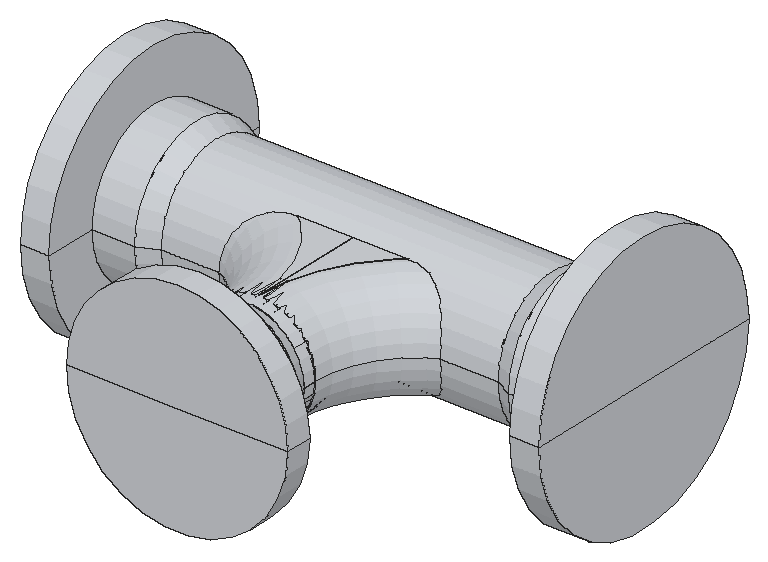
Revit family "6794054bb1ae44e2812e541e85ea7179", category Pipe Fittings, Revit 2021
Family settings
  Round Connector Dimension = Use Radius
  Part Type = Tee
  OmniClass Number = 23.60.30.11.14
  OmniClass Title = Pipework Fittings
  Seek Item ID = Tee - PVC - Sch 40-0000-USA-ENU
  Work Plane-Based = No
  Always vertical = Yes
  Cut with Voids When Loaded = No
  Shared = No
Parameters (values of type "Standard")
  Visibility 1 [instance] = Angle = 90.00°  # yes
  Tick Size 2 [instance] = Fitting Outside Diameter 2 * 0.4  # 1.5840"
  Tick Size 1 [instance] = Fitting Outside Diameter 1 * 0.4  # 1.9200"
  Socket Outside Radius 2 [instance] = Socket Outside Diameter 2 / 2  # 2.2400"
  Socket Outside Radius 1 [instance] = Socket Outside Diameter 1 / 2  # 2.7250"
  Socket Outside Diameter 1 [instance] = size_lookup(Lookup Table Name, "SOD", 1.08 * Nominal Diameter 1 + 1.1300", Nominal Diameter 1)  # 5.4500"
  Socket Outside Diameter 2 [instance] = size_lookup(Lookup Table Name, "SOD", 1.08 * Nominal Diameter 2 + 1.1300", Nominal Diameter 2)  # 4.4800"
  Socket Depth 2 [instance] = if(Nominal Diameter 2 < 14.0000", 2.5000", if(Nominal Diameter 2 < 30.0000", 3.5000", 4.0000"))  # 2.5000"
  Socket Depth 1 [instance] = if(Nominal Diameter 1 < 14.0000", 2.5000", if(Nominal Diameter 1 < 30.0000", 3.5000", 4.0000"))  # 2.5000"
  Nominal Radius 2 [instance] = 1.5000"
  Nominal Diameter 2 [instance] = Nominal Radius 2 * 2  # 3.0000"
  Lookup Table Name = "Tee Reducing - MJ - DI - Class 350"
  Length 1 [instance] = Socket Depth 2 + Bevel Length 2  # 3.0200"
  Fitting Outside Radius 2 [instance] = Fitting Outside Diameter 2 / 2  # 1.9800"
  Fitting Outside Radius 1 [instance] = Fitting Outside Diameter 1 / 2  # 2.4000"
  Fitting Outside Diameter 2 [instance] = size_lookup(Lookup Table Name, "FOD", 1.04 * Nominal Diameter 2 + 0.7000", Nominal Diameter 2)  # 3.9600"
  Fitting Outside Diameter 1 [instance] = size_lookup(Lookup Table Name, "FOD", 1.04 * Nominal Diameter 1 + 0.7000", Nominal Diameter 1)  # 4.8000"
  Nominal Radius 1 [instance] = 2.0000"
  Nominal Diameter 1 [instance] = Nominal Radius 1 * 2  # 4.0000"
  Loss Method = K Coefficient from Table
  K Coefficient Table = "Tee"
  Default Elevation = 0.0000"
  Bevel Length 2 [instance] = size_lookup(Lookup Table Name, "BvLgt", 0.04 * Nominal Diameter 2 + 0.4300", Nominal Diameter 2)  # 0.5200"
  Bevel Length 1 [instance] = size_lookup(Lookup Table Name, "BvLgt", 0.04 * Nominal Diameter 1 + 0.4300", Nominal Diameter 1)  # 0.6500"
  Center to Socket Bottom 2 [instance] = size_lookup(Lookup Table Name, "CtSB2", 3.8400" + 0.6 * Nominal Diameter 1 + 0.12 * Nominal Diameter 2, Nominal Diameter 1, Nominal Diameter 2)  # 6.5000"
  Center to Socket Bottom 1 [instance] = size_lookup(Lookup Table Name, "CtSB1", 4.9800" + 0.33 * Nominal Diameter 1 + 0.33 * Nominal Diameter 2, Nominal Diameter 1, Nominal Diameter 2)  # 6.5000"
  Center to End 2 [instance] = Center to Socket Bottom 2 + Socket Depth 2  # 9.0000"
  Center to End 2 Label [instance] = if((Center to End 2 - Gland Width 2) * tan(Angle 1 / 2) > Gland Outside Radius 1, Center to End 2, Gland Outside Radius 1 / tan(Angle 1 / 2) + Gland Width 2)  # 9.0000"
  Center to End 1 Label [instance] = if((Center to End 2 - Gland Width 2) * tan(Angle 1 / 2) > Gland Outside Radius 1, Center to End 1, Gland Outside Radius 1 / tan(Angle 1 / 2) + Gland Width 2)  # 9.0000"
  Center to End 1 [instance] = Center to Socket Bottom 1 + Socket Depth 1  # 9.0000"
  Center Radius Label [instance] = if(Center to Socket Bottom 2 - Center Radius - Bevel Length 2 < 0.5000", Center to Socket Bottom 2 - Bevel Length 2 - 0.5000", Center Radius)  # 5.4800"
  Center Radius [instance] = size_lookup(Lookup Table Name, "CRad", 4.4800" + 0.3 * Nominal Diameter 1 + 0.33 * Nominal Diameter 2, Nominal Diameter 1, Nominal Diameter 2)  # 5.8500"
  Gland Width 2 [instance] = size_lookup(Lookup Table Name, "GWid", 0.03 * Nominal Diameter 2 + 0.9400", Nominal Diameter 2)  # 0.9400"
  Gland Width 1 [instance] = size_lookup(Lookup Table Name, "GWid", 0.03 * Nominal Diameter 1 + 0.9400", Nominal Diameter 1)  # 1.0000"
  Gland Outside Radius 2 [instance] = Gland Outside Diameter 2 / 2  # 3.8450"
  Gland Outside Radius 1 [instance] = Gland Outside Diameter 1 / 2  # 4.5600"
  Gland Outside Diameter 2 [instance] = size_lookup(Lookup Table Name, "GOD", 1.16 * Nominal Diameter 2 + 4.0300", Nominal Diameter 2)  # 7.6900"
  Gland Outside Diameter 1 [instance] = size_lookup(Lookup Table Name, "GOD", 1.16 * Nominal Diameter 1 + 4.0300", Nominal Diameter 1)  # 9.1200"
  Angle 1 [instance] = if(Angle > 90.00°, 180.00° - Angle, Angle)  # 90.00°
  Angle [instance] = 90.00°
Reference planes (in)
  plane 1 "Center (Front/Back)": y = 0
  plane 2: z = 0
  plane 3 "Center (Left/Right)": x = 0
  plane 4: y = -6.5
  plane 5: y = 4.56
  plane 6: y = 2.725
  plane 7: y = 2.4
  plane 8: x = -9
  plane 9: x = -8
  plane 10: x = -5.85
  plane 11: x = -6.5
  plane 12: x = 9
  plane 13: x = 8
  plane 14: x = 5.85
  plane 15: x = 6.5
  plane 16: y = -5.98
  plane 17: y = -5.48
  plane 18: x = -5.48
  plane 19: x = 5.48
  plane 20: z = 1.98
  plane 21: z = -1.98
  plane 22: y = 1.92
  plane 23: y = -1.92
Forms (in)
  Revolve 1, solid, detail levels fine
    sketch origin (0, 0, 0) x (1, 0, 0) y (0, 1, 0)
      loop
        line (-9, 0) -> (9, 0) -> (9, 4.56) -> (8, 4.56) -> (8, 2.725) -> (6.5, 2.725) -> (5.85, 2.4) -> (-5.85, 2.4) -> (-6.5, 2.725) -> (-8, 2.725) -> (-8, 4.56) -> (-9, 4.56) -> (-9, 0)
      axis (-9, 0) -> (9, 0)
    angle from 0 to 360
  Sweep 2, solid, visible <- "Visibility 1", detail levels fine
    path origin (0, 0, 0) x (1, 0, 0) y (0, 1, 0)
      loop
        arc (-5.48, 0) -> (-1.60505, -1.60505) -> (0, -5.48) r 5.48
        line (0, -5.48) -> (0, -5.98)
    profile origin (0, -5.48, 0) x (1, 0, 0) y (0, 0, 1)
      loop
        circle (0, 0) r 1.98
  Sweep 3, solid, visible <- "Visibility 1", detail levels fine
    path origin (0, 0, 0) x (-1, 0, 0) y (0, 1, 0)
      loop
        arc (-5.48, 0) -> (-1.60505, -1.60505) -> (0, -5.48) r 5.48
        line (0, -5.48) -> (0, -5.98)
    profile origin (0, -5.48, 0) x (1, 0, 0) y (0, 0, 1)
      loop
        circle (0, 0) r 1.98
  Extrusion 4, solid, visible <- "Visibility 1", detail levels fine
    sketch origin (0, 0, 0) x (1, 0, 0) y (0, 1, 0)
      loop
        arc (-5.48, 0) -> (-1.60505, -1.60505) -> (0, -5.48) r 5.48
        arc (0, -5.48) -> (1.60505, -1.60505) -> (5.48, 0) r 5.48
        line (5.48, 0) -> (-5.48, 0)
    from -1.98 to 1.98
  Revolve 5, solid, detail levels fine
    sketch origin (0, 0, 0) x (0, -1, 0) y (1, 0, 0)
      loop
        line (0, -1.98) -> (5.98, -1.98) -> (6.5, -2.24) -> (8.06, -2.24) -> (8.06, -3.845) -> (9, -3.845) -> (9, 0) -> (0, 0) -> (0, -1.98)
      axis (0, 0) -> (9, 0)
    angle from 0 to 360
Lines and regions (in)
  model lines, detail levels coarse+medium
    curve 1: line (-9, 1.92, 0) -> (-9, -1.92, 0)
    curve 2: line (9, 1.92, 0) -> (9, -1.92, 0)
    curve 5: line (-1.584, -9, 0) -> (1.584, -9, 0)
  model lines, style "PipeFitting", detail levels coarse+medium
    curve 3: line (-9, 0, 0) -> (9, 0, 0)
    curve 6: line (0, 0, 0) -> (0, -9, 0)
  reference lines, not visible
    curve 4: line (0, 0, 0) -> (0, -9, 0)
Dimensions and locks (in)
  "Center to Socket Bottom 2": plane 4 to plane 1 "Center (Front/Back)"
  "Fitting Outside Radius 1": plane 7 to plane 1 "Center (Front/Back)"
  "Socket Outside Radius 1": plane 6 to plane 1 "Center (Front/Back)"
  "Gland Outside Radius 1": plane 5 to plane 1 "Center (Front/Back)"
  "Gland Width 1": plane 8 to plane 9
  "Socket Depth 1": plane 8 to plane 11
  "Bevel Length 1": plane 11 to plane 10
  "Gland Width 1": plane 12 to plane 13
  "Socket Depth 1": plane 12 to plane 15
  "Bevel Length 1": plane 14 to plane 15
  "Bevel Length 2": plane 16 to plane 4
  "Center Radius Label": plane 1 "Center (Front/Back)" to plane 17
  "Center Radius Label": plane 18 to plane 3 "Center (Left/Right)"
  "Center Radius Label": plane 3 "Center (Left/Right)" to plane 19
  "Fitting Outside Radius 2": plane 20 to plane 2
  "Fitting Outside Radius 2": plane 21 to level
  "Tick Size 1": plane 1 "Center (Front/Back)" to plane 23
  "Tick Size 1": plane 22 to plane 1 "Center (Front/Back)"
  "Center to End 2 Label": curve 4 to curve 4
  "Center to End 2 Label": Revolve 5 sketch curve to Revolve 5 sketch curve
  "Gland Width 2": Revolve 5 sketch curve to Revolve 5 sketch curve
  "Socket Depth 2": Revolve 5 sketch curve to Revolve 5 sketch curve
  "Gland Outside Radius 2": Revolve 5 sketch curve to Revolve 5 sketch curve
  "Socket Outside Radius 2": Revolve 5 sketch curve to Revolve 5 sketch curve
  "Fitting Outside Radius 2": Revolve 5 sketch curve to Revolve 5 sketch curve
  "Length 1": Revolve 5 sketch curve to Revolve 5 sketch curve
  "Center to End 1 Label": plane 8 to plane 3 "Center (Left/Right)"
  "Center to End 1 Label": plane 3 "Center (Left/Right)" to plane 12
  "Tick Size 2": curve 5 to curve 4
  "Tick Size 2": curve 4 to curve 5
  "Center to End 2 Label": curve 6 to curve 6
  "Center Radius Label": radius of Sweep 2 sketch curve
  "Fitting Outside Radius 2": radius of Sweep 2 sketch curve
  "Center Radius Label": radius of Sweep 3 sketch curve
  "Fitting Outside Radius 2": radius of Sweep 3 sketch curve
  "Center Radius Label": radius of Extrusion 4 sketch curve  (x2)
  "Angle": angle curve 4 to plane 1 "Center (Front/Back)"
  "Angle": angle Revolve 5 sketch curve to plane 1 "Center (Front/Back)"
  locked: curve 4 to curve 5 (angle 90.00°)
  "Angle": angle curve 6 to plane 1 "Center (Front/Back)"
  aligned and locked: plane 1 "Center (Front/Back)" to Revolve 1 sketch curve
  aligned and locked: plane 8 to Revolve 1 sketch curve
  aligned and locked: Revolve 1 sketch curve to plane 5  (x2)
  aligned and locked: Revolve 1 sketch curve to plane 7
  aligned and locked: Revolve 1 sketch curve to plane 6  (x2)
  aligned and locked: Revolve 1 sketch curve to plane 13
  aligned and locked: Revolve 1 sketch curve to plane 12
  aligned and locked: Revolve 1 sketch curve to plane 9
  aligned and locked: Revolve 1 sketch curve to Revolve 1 sketch curve
  aligned and locked: plane 11 to Revolve 1 sketch curve
  aligned and locked: plane 10 to Revolve 1 sketch curve
  aligned and locked: plane 14 to Revolve 1 sketch curve
  aligned and locked: plane 15 to Revolve 1 sketch curve
  aligned and locked: plane 17 to Sweep 2 sketch curve
  aligned and locked: plane 18 to Sweep 2 sketch curve
  aligned and locked: plane 19 to Sweep 3 sketch curve
  aligned and locked: plane 17 to Sweep 3 sketch curve
  aligned and locked: plane 18 to Extrusion 4 sketch curve  (x2)
  aligned and locked: plane 17 to Extrusion 4 sketch curve  (x3)
  aligned and locked: plane 19 to Extrusion 4 sketch curve  (x3)
  aligned and locked: plane 1 "Center (Front/Back)" to Extrusion 4 sketch curve  (x2)
  aligned and locked: plane 21 to Extrusion 4
  aligned and locked: plane 20 to Extrusion 4
  aligned and locked: plane 23 to curve 2
  aligned and locked: plane 22 to curve 2
  aligned and locked: plane 12 to curve 2
  aligned and locked: plane 23 to curve 1
  aligned and locked: plane 22 to curve 1
  aligned and locked: curve 1 to plane 8
  aligned and locked: plane 1 "Center (Front/Back)" to curve 3
  aligned and locked: plane 8 to curve 3
  aligned and locked: plane 12 to curve 3
  aligned and locked: plane 3 "Center (Left/Right)" to curve 4
  aligned and locked: plane 1 "Center (Front/Back)" to curve 4
  aligned and locked: plane 3 "Center (Left/Right)" to Revolve 5 sketch curve
  aligned and locked: plane 1 "Center (Front/Back)" to Revolve 5 sketch curve
  aligned and locked: Revolve 5 sketch curve to Revolve 5 sketch curve  (x3)
  aligned and locked: curve 5 to curve 4
  aligned and locked: plane 3 "Center (Left/Right)" to curve 6
  aligned and locked: plane 16 to Sweep 3 sketch curve
  aligned and locked: plane 16 to Sweep 2 sketch curve
Automatic sketch dimensions
  Revolve 1 sketch curve to plane 8 = 1.01143"
  Revolve 1 sketch curve to plane 12 = 1.76143"
  Sweep 2 sketch curve to level = 0.0000"
  profile plane to Sweep 2 sketch curve = 0.0000"
  Sweep 3 sketch curve to level = 0.0000"
  profile plane to Sweep 3 sketch curve = 0.0000"
  Extrusion 4 sketch curve to plane 18 = 0.0000"
Connectors (in)
  piping at (-9, 0, 0), diameter 4, driven by "Nominal Radius 1"
    settings: on Revolve 1, index 1, connector inside diameter 4.0000", connector length 0.0000", flow factor 0, pipe flow 0 GPM, pressure drop 0.00 psi, fitting loss kfactor 0, connector angle 0.00°, fixture units 0, engagement length 0.0000", angle of deflection 0.00°, flow configuration 0, flow direction 0, fitting loss method 0, system type 28, joint type 0, gender type 0, connector reference index 2, connector utility 0, adjustable connector no, is connector primary yes, connector description ""
  piping at (9, 0, 0), diameter 4, driven by "Nominal Radius 1"
    settings: on Revolve 1, index 2, connector inside diameter 4.0000", connector length 0.0000", flow factor 0, pipe flow 0 GPM, pressure drop 0.00 psi, fitting loss kfactor 0, connector angle 0.00°, fixture units 0, engagement length 0.0000", angle of deflection 0.00°, flow configuration 0, flow direction 0, fitting loss method 0, system type 28, joint type 0, gender type 0, connector reference index 1, connector utility 0, adjustable connector no, is connector primary no, connector description ""
  piping at (0, -9, 0), diameter 3, driven by "Nominal Radius 2", driven by "Angle"
    settings: on Revolve 5, index 3, connector inside diameter 3.0000", connector length 0.0000", flow factor 0, pipe flow 0 GPM, pressure drop 0.00 psi, fitting loss kfactor 0, connector angle 90.00°, fixture units 0, engagement length 0.0000", angle of deflection 0.00°, flow configuration 0, flow direction 0, fitting loss method 0, system type 28, joint type 0, gender type 0, connector reference index -1, connector utility 0, adjustable connector no, is connector primary no, connector description ""
